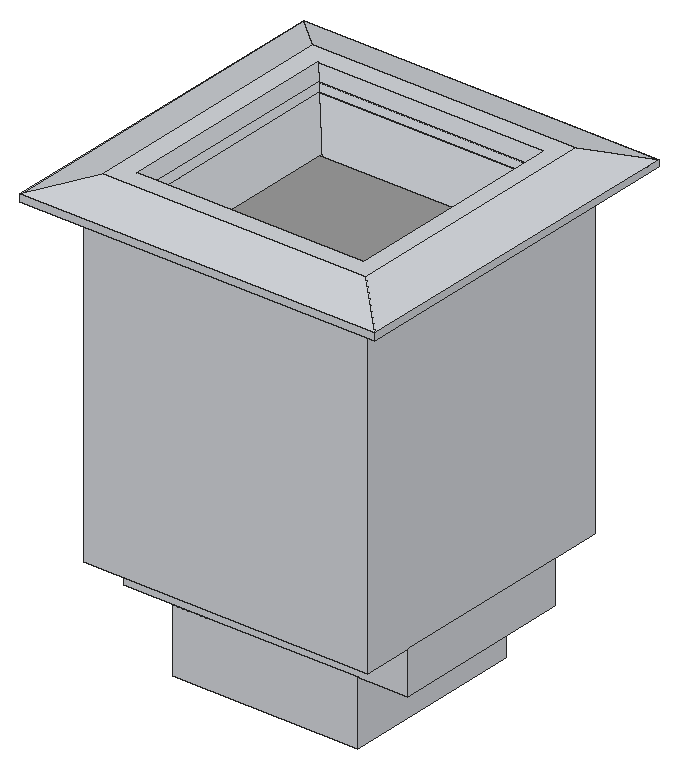
Revit family "2061054 Sylvania Lighting Fixture DOMINO 1xLED 940 BLACK MB TRIM BLACK", category Lighting Fixtures, host Face, Revit 2018
Family settings
  Host = Face
  Round Connector Dimension = Use Diameter
  Part Type = Normal
  OmniClass Number = 23.80.70.00
  OmniClass Title = Lighting
  Cut with Voids When Loaded = No
  Light Source = Yes
  Shared = No
  Room Calculation Point = No
Parameters (values of type "2061054 DOMINO 1XLED 940 BLACK MB TR BLK ")
  top top width = 15.812 mm
  top top length = 26 mm
  Width = 50 mm
  Weight = "n/a"
  Wattage Comments = ""
  Wattage = 9.2903 W
  WarrantyStartDate [instance] = "n/a"
  WarrantyGuarantorParts = "n/a"
  WarrantyDurationUnit = "n/a"
  WarrantyDurationParts = ""
  WarrantyDescription = "http://www.sylvania-lighting.com"
  built-in parameter 1150110 = 1 (stored number, unit not read)
  Voltage = 0 V
  URL = "0.6"
  TypeName = "DOMINO 1xLED 940 BLACK MB TRIM BLACK"
  Type Image = <None>
  Type Comments = "n/a"
  built-in parameter 1114217 = 1 (stored number, unit not read)
  Top Width = 26 mm
  Tilt Angle = 90.00°
  built-in parameter 1150109 = 1 (stored number, unit not read)
  built-in parameter 1150134 = 3
  built-in parameter 1150113 = 1 (stored number, unit not read)
  SerialNumber [instance] = "n/a"
  Recessed Width = 43 mm
  Recessed Length = 43 mm
  Photometric Web File = "2061054.ies"
  Material_3_FEILO = none
  PowerFactor = 0
  PowerConsumption = "Lighting"
  NominalLength = 50 mm
  NominalHeight = 0 mm
  NominalDepth = 0 mm
  Name = "DOMINO 1xLED 940 BLACK MB TRIM BLACK"
  ModelReference = Name  # "DOMINO 1xLED 940 BLACK MB TRIM BLACK"
  ModelNumber = "2061054"
  Model = Name  # "DOMINO 1xLED 940 BLACK MB TRIM BLACK"
  Material = "Feilo Sylvania"
  ManufacturerName = "48 lm/W"
  Manufacturer = ""
  LuminousEfficacy = ""
  built-in parameter 1150105 = 109.82 (stored number, unit not read)
  Lumens = 1380 lm
  LuminaireType = "0"
  built-in parameter 1150115 = 1 (stored number, unit not read)
  LightOutputRatio = "LED"
  built-in parameter 1150137 = (empty or 0)
  built-in parameter 1150139 = (empty or 0)
  Lens inside recess = 25 mm
  Lens Width = 32 mm
  Lens Outside recess = 31.978 mm
  Lens = Glass, White, High Luminance
  Length = 50 mm
  LampsType = Lamp  # "n/a"
  LampNominalLuminous = "4000 K"
  LampMacAdamStep = "90"
  LampColourTemperature = "LED"
  LampColourRenderingIndex = "16500"
  built-in parameter 1150112 = 1 (stored number, unit not read)
  built-in parameter 1150114 = 1 (stored number, unit not read)
  Lamp = "n/a"
  Keynote = "n/a"
  InstallationDate [instance] = "n/a"
  InputVoltage = "0"
  InputNominalFrequency = "4000"
  built-in parameter 1150132 = (empty or 0)
  built-in parameter 1150102 = (empty or 0)
  built-in parameter 1150107 = 3200 (stored number, unit not read)
  built-in parameter 1150138 = (empty or 0)
  IngressProtection = "IfcLightFixtureType"
  ImpactProtectionIndex = "IfcLightFixtureType"
  built-in parameter 1150106 = 1.0982 (stored number, unit not read)
  IfcExportType = "IfcLightFixtureType"
  IfcExportAs = "Class II"
  Facia internal width = 37 mm
  Facia internal length = 37 mm
  Facia Height = 2 mm
  ExpectedLife = 50000
  Emit from Circle Diameter = 609.6 mm
  Emit Shape Visible in Rendering = no
  ElectricShockClassification = "48"
  built-in parameter 1150104 = 13.8 (stored number, unit not read)
  DurationUnit = "hours"
  DocumentationLiterature = "http://www.sylvania-lighting.com/product/en-int/products/2061054"
  DimmingControlOptions = "n/a"
  Material_2_FEILO = none
  Dimming Lamp Color Temperature Shift = <None>
  Description = "Modular LED recessed linear spotlight, ideal for retail and hospitality applications. Die-cast aluminium body, passive cooling. Two levels of reflector installation, low glaring UGR<16. 1x LED source, 30° beam angle , optics: PMMA lens and polycarbonate reflector combination, Black matt reflector finish. Light color temperature: 4000K neutral white, total system power: 4W , total fixture lumen output: 190lm, efficacy: 48 lm/W, Ra90 typical, LED chromacity: 3 step MacAdam ellipse (SDCM3), lifespan: 96,000 hours at 90% of the original output (L90B10), IR/UV free light source without heat radiation, operating voltage: 220-240V / 50-60Hz, electronic driver, ultra low flicker, non-dimmable , electrical protection: Class II. Degree of Protection: IP40/IP20, suitable for indoor environment only. Ceiling cut-out: 43x43mm, outer dimensions:  50x50mm trim frame RAL 9005 - Jet black color.5 years Warranty."
  Default Elevation = 1219.2 mm
  CreatedOn = "09/02/2021"
  CreatedBy = "@sylvania-lighting.com"
  Cost = 0
  Color Filter = 16777215
  built-in parameter 1114216 [instance] = (empty or 0)
  ClassificationValue = "EF_70_80"
  ClassificationName = "Uniclass2015"
  Material_1_FEILO = none
  Body Width = 40 mm
  Body Length = 40 mm
  BarCode [instance] = "n/a"
  built-in parameter 1114218 = 1 (stored number, unit not read)
  built-in parameter 1150133 = 10 (stored number, unit not read)
  AssetType = "Fixed"
  AssetIdentifier [instance] = "n/a"
  Assembly Code = "D5020200"
  Apparent Load = 4 VA
  Material_4_FEILO = none
Reference planes
  plane 1 "Center (Front/Back)": y = 0
  plane 2: z = 0
  plane 3 "Center (Left/Right)": x = 0
  plane 4: z = 0
  plane 5: z = -7
  plane 6: z = -45.895
  plane 7: z = -51.895
  plane 8: z = -60.895
  plane 9: x = -21.5
  plane 10: x = 21.5
  plane 11: y = 21.5
  plane 12: y = -21.5
  plane 13: x = -25
  plane 14: x = 25
  plane 15: y = 25
  plane 16: y = -25
  plane 17: x = 18.5
  plane 18: x = -18.5
  plane 19: y = 18.5
  plane 20: y = -18.5
  plane 21: z = 2
  plane 22: x = -20
  plane 23: x = 20
  plane 24: y = 20
  plane 25: y = -20
  plane 26: y = 13
  plane 27: y = -13
  plane 28: y = 16
  plane 29: y = -16
  plane 30: x = 13
  plane 31: x = -13
  plane 32: x = -15.772
  plane 33: x = 16.206
  plane 34: y = 12.5
  plane 35: y = -12.5
  plane 36: x = -12.5
  plane 37: x = 12.5
Forms (mm)
  Extrusion 1, solid, not visible, detail levels medium+fine
    sketch origin (4.2, 0, 0) x (1, 0, 0) y (0, 1, 0)
      loop
        line (-29.2, 34.5) -> (-29.2, -34.5) -> (20.8, -34.5) -> (20.8, 34.5) -> (-29.2, 34.5)
    from 0 to 1
  Extrusion 2, solid, not visible, detail levels medium+fine
    sketch origin (4.044, 0, 0) x (1, 0, 0) y (0, 1, 0)
      loop
        line (-29.2, 34.5) -> (-29.2, -34.5) -> (20.8, -34.5) -> (20.8, 34.5) -> (-29.2, 34.5)
    from 0 to 1
  Blend 3, solid, not visible, detail levels medium+fine
    base sketch origin (4.2, 0, 0) x (1, 0, 0) y (0, 1, 0)
      loop
        line (-29.2, 34.5) -> (-29.2, -34.5) -> (20.8, -34.5) -> (20.8, 34.5) -> (-29.2, 34.5)
    top sketch origin (4.2, 0, 0) x (1, 0, 0) y (0, 1, 0)
      loop
        line (-21.7, 28) -> (-21.7, -28) -> (13.3, -28) -> (13.3, 28) -> (-21.7, 28)
    from 1 to 3
  Extrusion 4, solid, not visible, detail levels medium+fine
    sketch origin (3.419, 0, 0) x (1, 0, 0) y (0, 1, 0)
      loop
        line (-29.2, 34.5) -> (-29.2, -34.5) -> (20.8, -34.5) -> (20.8, 34.5) -> (-29.2, 34.5)
    from 0 to 1
  Blend 5, solid, not visible, detail levels medium+fine
    base sketch origin (3.575, 0, 0) x (1, 0, 0) y (0, 1, 0)
      loop
        line (-29.2, 34.5) -> (-29.2, -34.5) -> (20.8, -34.5) -> (20.8, 34.5) -> (-29.2, 34.5)
    top sketch origin (3.575, 0, 0) x (1, 0, 0) y (0, 1, 0)
      loop
        line (-21.7, 28) -> (-21.7, -28) -> (13.3, -28) -> (13.3, 28) -> (-21.7, 28)
    from 1 to 3
  Extrusion 6, solid, not visible, detail levels medium+fine
    sketch origin (4.247, 0, 0) x (1, 0, 0) y (0, 1, 0)
      loop
        line (-29.2, 34.5) -> (-29.2, -34.5) -> (20.8, -34.5) -> (20.8, 34.5) -> (-29.2, 34.5)
    from 0 to 1
  Blend 7, solid, not visible, detail levels medium+fine
    base sketch origin (4.403, 0, 0) x (1, 0, 0) y (0, 1, 0)
      loop
        line (-29.2, 34.5) -> (-29.2, -34.5) -> (20.8, -34.5) -> (20.8, 34.5) -> (-29.2, 34.5)
    top sketch origin (4.403, 0, 0) x (1, 0, 0) y (0, 1, 0)
      loop
        line (-21.7, 28) -> (-21.7, -28) -> (13.3, -28) -> (13.3, 28) -> (-21.7, 28)
    from 1 to 3
  Extrusion 8, void, detail levels medium+fine
    sketch origin (4.2, 0, 0) x (0, 1, 0) y (1, 0, 0)
      loop
        line (21.5, -25.7) -> (21.5, 17.3) -> (-21.5, 17.3) -> (-21.5, -25.7) -> (21.5, -25.7)
    from -9.934 to 83.097
  Extrusion 9, solid, detail levels medium+fine
    sketch origin (4.2, 0, 0) x (1, 0, 0) y (0, 1, 0)
      loop
        line (-29.2, 25) -> (-29.2, -25) -> (20.8, -25) -> (20.8, 25) -> (-29.2, 25)
    from 0 to 1
  Extrusion 10, solid, detail levels medium+fine
    sketch origin (4.2, 0, 0) x (1, 0, 0) y (0, 1, 0)
      loop
        line (-24.2, 20) -> (-24.2, -20) -> (15.8, -20) -> (15.8, 20) -> (-24.2, 20)
    from 0 to -45.895
  Extrusion 11, solid, detail levels medium+fine
    sketch origin (4.2, 0, 0) x (1, 0, 0) y (0, 1, 0)
      loop
        line (-24.2, 13) -> (-24.2, -13) -> (15.8, -13) -> (15.8, 13) -> (-24.2, 13)
    from -51.895 to -45.895
  Extrusion 12, solid, material "Glass, White, High Luminance" <- "Lens", detail levels fine
    sketch origin (13.547, 1218.849, 36.156) x (1, 0, 0) y (0, 1, 0)
      loop
        line (-26.047, -1206.7) -> (-26.047, -1231.7) -> (-1.047, -1231.7) -> (-1.047, -1206.7) -> (-26.047, -1206.7)
    from -43.156 to -42.182
  Blend 13, solid, detail levels medium+fine
    base sketch origin (4.2, 0, 0) x (1, 0, 0) y (0, 1, 0)
      loop
        line (-29.2, 25) -> (-29.2, -25) -> (20.8, -25) -> (20.8, 25) -> (-29.2, 25)
    top sketch origin (4.2, 0, 0) x (1, 0, 0) y (0, 1, 0)
      loop
        line (-22.7, 18.5) -> (-22.7, -18.5) -> (14.3, -18.5) -> (14.3, 18.5) -> (-22.7, 18.5)
    from 1 to 3
  Extrusion 14, solid, detail levels fine
    sketch origin (0, 0, 0) x (1, 0, 0) y (0, 0, 1)
      loop
        line (-13, -51.895) -> (-13, -60.895) -> (13, -60.895) -> (13, -51.895) -> (-13, -51.895)
    from -13 to 13
  Blend 15, void, detail levels medium+fine
    base sketch origin (4.2, 0, 0) x (0, 1, 0) y (-1, 0, 0)
      loop
        line (16, 19.972) -> (-16, 19.972) -> (-16, -12.006) -> (16, -12.006) -> (16, 19.972)
    top sketch origin (4.2, 0, 0) x (0, 1, 0) y (-1, 0, 0)
      loop
        line (12.5, 16.7) -> (-12.5, 16.7) -> (-12.5, -8.3) -> (12.5, -8.3) -> (12.5, 16.7)
    from 3 to -7
  Extrusion 16, solid, detail levels coarse
    sketch origin (4.2, 0, 0) x (1, 0, 0) y (0, 1, 0)
      loop
        line (-29.2, 25) -> (-29.2, -25) -> (20.8, -25) -> (20.8, 25) -> (-29.2, 25)
    from 3 to -60.895
Cuts and joins
  Blend 15 cuts Extrusion 9
  Blend 15 cuts Extrusion 10
  Blend 15 cuts Blend 13
Dimensions and locks
  "Recessed Length": plane 9 to plane 10
  equal spacing: plane 9, plane 3 "Center (Left/Right)", plane 10
  "Length": plane 13 to plane 14
  equal spacing: plane 13, plane 3 "Center (Left/Right)", plane 14
  "Recessed Width": plane 11 to plane 12
  equal spacing: plane 11, plane 1 "Center (Front/Back)", plane 12
  "Width": plane 15 to plane 16
  equal spacing: plane 15, plane 1 "Center (Front/Back)", plane 16
  "Facia internal length": plane 18 to plane 17
  equal spacing: plane 18, plane 3 "Center (Left/Right)", plane 17
  "Facia internal width": plane 19 to plane 20
  equal spacing: plane 19, plane 1 "Center (Front/Back)", plane 20
  "Facia Height": plane 21 to host face
  "Body Length": plane 22 to plane 23
  equal spacing: plane 22, plane 3 "Center (Left/Right)", plane 23
  "Body Width": plane 24 to plane 25
  equal spacing: plane 24, plane 1 "Center (Front/Back)", plane 25
  "Top Width": plane 26 to plane 27
  equal spacing: plane 26, plane 1 "Center (Front/Back)", plane 27
  "Lens Width": plane 28 to plane 29
  equal spacing: plane 28, plane 1 "Center (Front/Back)", plane 29
  "top top length": plane 31 to plane 30
  equal spacing: plane 31, plane 3 "Center (Left/Right)", plane 30  (x2)
  plane 30 to plane 31 = 26 mm
  equal spacing: plane 30, plane 3 "Center (Left/Right)", plane 31
  "Lens Outside recess": plane 32 to plane 33
  "Lens inside recess": plane 34 to plane 35
  equal spacing: plane 34, plane 1 "Center (Front/Back)", plane 35
  aligned and locked: plane 2 to host face
  aligned and locked: level to host face
  aligned and locked: Extrusion 11 to plane 7
  aligned and locked: Extrusion 10 to plane 6
  aligned and locked: cut or joined group of Blend 13, Blend 15 to Blend 15
Automatic sketch dimensions
  host sketch curve to host sketch curve = 2438.4 mm  (x2)
  Extrusion 1 sketch curve to Extrusion 1 sketch curve = 50 mm
  Extrusion 1 sketch curve to Extrusion 1 sketch curve = 69 mm
  Extrusion 2 sketch curve to Extrusion 2 sketch curve = 50 mm
  Extrusion 2 sketch curve to Extrusion 2 sketch curve = 69 mm
  Blend 3 sketch curve to Blend 3 sketch curve = 50 mm
  Blend 3 sketch curve to Blend 3 sketch curve = 69 mm
  Blend 3 sketch curve to Blend 3 sketch curve = 35 mm
  Blend 3 sketch curve to Blend 3 sketch curve = 56 mm
  Extrusion 4 sketch curve to Extrusion 4 sketch curve = 50 mm
  Extrusion 4 sketch curve to Extrusion 4 sketch curve = 69 mm
  Blend 5 sketch curve to Blend 5 sketch curve = 50 mm
  Blend 5 sketch curve to Blend 5 sketch curve = 69 mm
  Blend 5 sketch curve to Blend 5 sketch curve = 35 mm
  Blend 5 sketch curve to Blend 5 sketch curve = 56 mm
  Extrusion 6 sketch curve to Extrusion 6 sketch curve = 50 mm
  Extrusion 6 sketch curve to Extrusion 6 sketch curve = 69 mm
  Blend 7 sketch curve to Blend 7 sketch curve = 50 mm
  Blend 7 sketch curve to Blend 7 sketch curve = 69 mm
  Blend 7 sketch curve to Blend 7 sketch curve = 35 mm
  Blend 7 sketch curve to Blend 7 sketch curve = 56 mm
  plane 9 to Extrusion 8 sketch curve = 0 mm
  Extrusion 8 sketch curve to plane 12 = 0 mm
  Extrusion 8 sketch curve to plane 11 = 0 mm
  Extrusion 8 sketch curve to plane 10 = 0 mm
  plane 13 to Extrusion 9 sketch curve = 0 mm
  plane 14 to Extrusion 9 sketch curve = 0 mm
  Extrusion 9 sketch curve to plane 16 = 0 mm
  Extrusion 9 sketch curve to plane 15 = 0 mm
  Extrusion 10 sketch curve to plane 22 = 0 mm
  Extrusion 10 sketch curve to plane 23 = 0 mm
  Extrusion 10 sketch curve to plane 25 = 0 mm
  Extrusion 10 sketch curve to plane 24 = 0 mm
  Extrusion 11 sketch curve to plane 22 = 0 mm
  Extrusion 11 sketch curve to plane 23 = 0 mm
  Extrusion 11 sketch curve to plane 27 = 0 mm
  Extrusion 11 sketch curve to plane 26 = 0 mm
  Extrusion 12 sketch curve to plane 11 = 9.351 mm
  plane 1 "Center (Front/Back)" to Extrusion 12 sketch curve = 12.851 mm
  plane 18 to Extrusion 12 sketch curve = 6 mm
  Blend 13 sketch curve to plane 13 = 0 mm
  Blend 13 sketch curve to plane 14 = 0 mm
  Blend 13 sketch curve to plane 16 = 0 mm
  Blend 13 sketch curve to plane 15 = 0 mm
  Blend 13 sketch curve to plane 18 = 0 mm
  Blend 13 sketch curve to plane 17 = 0 mm
  Blend 13 sketch curve to plane 20 = 0 mm
  Blend 13 sketch curve to plane 19 = 0 mm
  Extrusion 12 sketch curve to Extrusion 12 sketch curve = 25 mm
  Extrusion 14 sketch curve to plane 8 = 0 mm
  Extrusion 14 sketch curve to plane 31 = 0 mm
  Extrusion 14 sketch curve to plane 30 = 0 mm
  Extrusion 14 sketch curve to plane 7 = 0 mm
  Blend 15 sketch curve to plane 29 = 0 mm
  Blend 15 sketch curve to plane 28 = 0 mm
  Blend 15 sketch curve to plane 33 = 0 mm
  Blend 15 sketch curve to plane 32 = 0 mm
  Blend 15 sketch curve to plane 35 = 0 mm
  Blend 15 sketch curve to plane 34 = 0 mm
  Blend 15 sketch curve to plane 37 = 0 mm
  Blend 15 sketch curve to plane 36 = 0 mm
  Extrusion 16 sketch curve to plane 13 = 0 mm
  Extrusion 16 sketch curve to plane 14 = 0 mm
  Extrusion 16 sketch curve to plane 16 = 0 mm
  Extrusion 16 sketch curve to plane 15 = 0 mm
Connectors
  electrical at (0, 0, -60.895)
    settings: on Extrusion 14, index 1, voltage 0 V, apparent load 0 VA, apparent load phase1 0 VA, apparent load phase2 0 VA, apparent load phase3 0 VA, power factor 1, load classification "Other", number of poles 1, system type 31, power factor state 1, is connector primary yes, connector utility no, sub classification motor no, connector description ""
